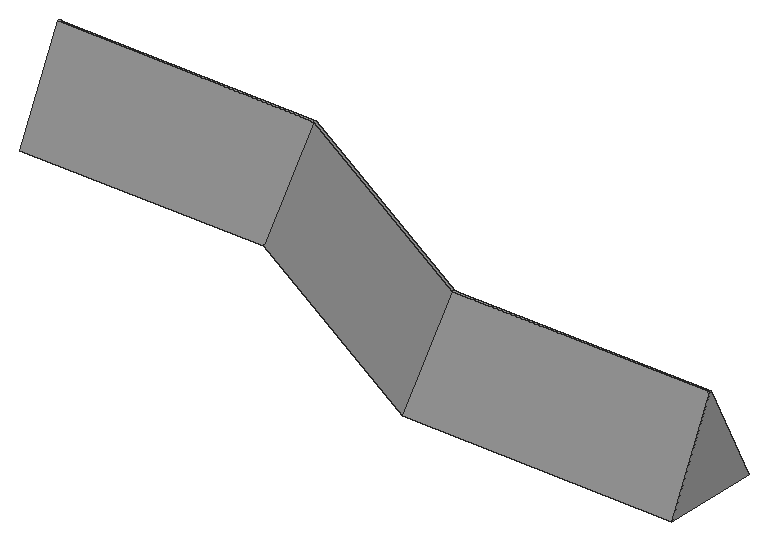
Revit family "Armeret_BetonZig-Zag_100mm_p_i_t_1131123", category Generic Models, Revit 2019
Family settings
  Can host rebar = No
  Round Connector Dimension = Use Diameter
  Part Type = Normal
  Work Plane-Based = Yes
  Always vertical = No
  Cut with Voids When Loaded = No
  Shared = No
  Room Calculation Point = No
Parameters (values of type "100 mm")
  concrete = Concrete
  Website Link = "https://haucon.dk/produkt/armeret-beton-zig-zag/#variations"
  Total Length = 800 mm
  Technical Data Sheet = "https://haucon.dk/wp-content/uploads/2016/04/1131090-Beton-zig-zag-TDS-DK.pdf"
  Default Elevation = 1219.2 mm
  Armerment width = 100 mm
  Armerment Height = Armerment width  # 100 mm
Types (13, lengths in mm): name | Armerment width | Armerment Height
  35 mm | 35 | 35
  55 mm | 55 | 55
  40 mm | 40 | 40
  45 mm | 45 | 45
  50 mm | 50 | 50
  60 mm | 60 | 60
  25 mm | 25 | 25
  30 mm | 30 | 30
  70 mm | 70 | 70
  75 mm | 75 | 75
  80 mm | 80 | 80
  90 mm | 90 | 90
  100 mm | 100 | 100
Reference planes
  plane 1 "Center (Front/Back)": y = 0
  plane 2: z = 0
  plane 3 "Center (Left/Right)": x = 0
  plane 4: y = 50
  plane 5: y = -50
  plane 6: z = 100
  plane 7: x = 266.667
  plane 8: x = 533.333
  plane 9: x = 800
Forms (mm)
  Sweep 1, solid, material "Concrete" <- "concrete"
    path origin (135, 0, 0) x (1, 0, 0) y (0, 1, 0)
      loop
        line (-135, 0) -> (132.554, 0) -> (397.446, -149.776) -> (665, -149.776)
    profile origin (133.777, 0, 0) x (0, 1, 0) y (0, 0, 1)
      loop
        line (50, 0) -> (0.856, 99.544)
        arc (0.856, 99.544) -> (0, 99.98) -> (-0.856, 99.544) r 1.059
        line (-0.856, 99.544) -> (-50, 0) -> (50, 0)
Dimensions and locks
  equal spacing: plane 4, plane 1 "Center (Front/Back)", plane 5
  "Armerment width": plane 4 to plane 5
  "Armerment Height": level to plane 6
  "Total Length": plane 3 "Center (Left/Right)" to plane 9
  equal spacing: plane 3 "Center (Left/Right)", plane 7, plane 8, plane 9
  aligned and locked: level to plane 2
  aligned and locked: level to Sweep 1 sketch curve
  aligned and locked: plane 3 "Center (Left/Right)" to Sweep 1
  aligned and locked: plane 9 to Sweep 1 sketch curve
Automatic sketch dimensions
  plane 1 "Center (Front/Back)" to Sweep 1 sketch curve = 0 mm
  Sweep 1 sketch curve to plane 3 "Center (Left/Right)" = 0 mm
  Sweep 1 sketch curve to plane 7 = 0.887 mm
  plane 8 to Sweep 1 sketch curve = 0.887 mm
  plane 1 "Center (Front/Back)" to Sweep 1 sketch curve = 149.776 mm
  Sweep 1 sketch curve to plane 5 = 0 mm
  Sweep 1 sketch curve to profile plane = 0 mm
  Sweep 1 sketch curve to plane 4 = 0 mm
  plane 6 to Sweep 1 sketch curve = 0.456 mm  (x2)
  profile plane to Sweep 1 sketch curve = 0.856 mm
  Sweep 1 sketch curve to Sweep 1 sketch curve = 0.623 mm
